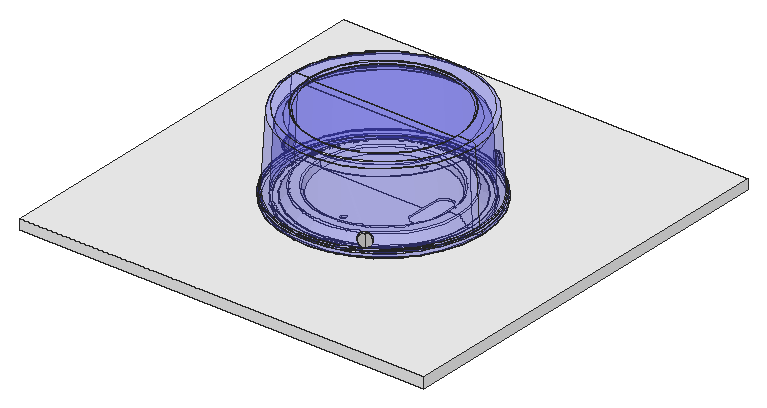
Revit family "BE_50194_de_DE", category Leuchten, Revit 2015
Parameters (values of type "BEGA_50194_K4")
  built-in parameter 1150104 = 9.5783 (stored number, unit not read)
  Wattage = 8 W
  Default Elevation = 0 mm
  built-in parameter 1150113 = 1 (stored number, unit not read)
  built-in parameter 1114218 = 1 (stored number, unit not read)
  Umgebungstemperatur = ""
  URL = "http://www.bega.de/produkt/50194"
  Typenkommentare = "© 2017 BEGA. Wir behalten uns das Recht vor, technische Änderungen ohne vorherige Ankündigung vorzunehmen."  # constant formula
  built-in parameter 1150134 = 12
  built-in parameter 1150109 = 1 (stored number, unit not read)
  Strom = ""
  built-in parameter 1150110 = 1 (stored number, unit not read)
  Spannung = 230 V
  Sonderanfertigung = no
  Seriennummer [instance] = "Hier können Sie die eindeutige Seriennummer für das Facility Management eintragen."
  Schutzklasse = "I"
  Schutzart = "IP 20"
  Scheinlast = 0 VA
  Produktdatenblatt = "http://www.bega.de/download/Xrfa/db/50194.db.de.pdf"
  Oberflächentemperatur = ""
  Neigungswinkel = 0.00°
  Modell = "50194K4"
  Material_17 = BEGA_Reflektor
  Material_15 = BEGA_Leuchtmedium_matt
  Material_11 = BEGA_Glas_opal
  Material_09 = BEGA_Glas_klar
  Material_06 = BEGA_Oberfläche_Edelstahl_gebürstet
  Material_05 = BEGA_Oberfläche_Aluminium Guss
  Material_03 = BEGA_Oberfläche_Weiss_matt
  Material_02 = BEGA_Oberfläche_Silber_matt
  Material_01 [instance] = BEGA_Oberfläche_Grafit_matt
  M_W = no
  M_G = no
  M_A = no
  Logo = 0
  built-in parameter 1114217 = 1 (stored number, unit not read)
  built-in parameter 1150139 = (empty or 0)
  built-in parameter 1150105 = 141.28 (stored number, unit not read)
  built-in parameter 1150114 = 1 (stored number, unit not read)
  Lumens = 824.8 lm
  built-in parameter 1150115 = 1 (stored number, unit not read)
  Leuchtenlichtstrom = "599 lm"
  Leuchtenanzahl = ""
  Lebensdauerkriterien = "L70 = 50.000 h"
  Lastklassifizierung = Beleuchtung
  built-in parameter 1150112 = 1 (stored number, unit not read)
  Lampenlichtstrom = "825 lm"
  Lampe = "LED 8 W"
  LED_Modulbezeichnung = "LED-0662/840 "
  Hersteller = "BEGA"  # constant formula
  Halbstreuwinkel = ""
  Gewicht = "1.7 kg"
  Gebrauchslageneinschränkung [instance] = ""
  Frequenz = "50/60 Hz"
  Farbwiedergabeindex = "Ra > 80"
  Farbtemperaturverschiebung bei Dämpfen der Lampe = <Keine Auswahl>
  Farbtemperatur = "4000 K"
  Color Filter = 16777215
  built-in parameter 1150133 = 10 (stored number, unit not read)
  Energieeffizienzklasse = "LED A++ - A"
  built-in parameter 1150137 = (empty or 0)
  built-in parameter 1150132 = (empty or 0)
  ENEC = ""
  Dimmbar [instance] = ""
  Datei für fotometrisches Netz = "BE_50194K4.IES"
  CE_Konformität = "ja"
  Bestellnummer = "50194K4"
  Beschreibung_Sonderanfertigung = "Hier können Sie Informationen zur Sonderanfertigung eintragen."
  Beschreibung = "Decken- und Wandleuchte"
  built-in parameter 1150106 = 1.4128 (stored number, unit not read)
  Befestigungsbohrung = "Ø 5,5 mm"
  Befestigungsabstand = "100 mm"
  Ballwurfsicher = ""
  BEGA_Intern_aus = yes
  BEGA_Intern_an = yes
  BEGA_Intern_Konstruktion = yes
  BEGA_Intern = yes
  BEGA_IES = yes
  BEGA_Dummy = no
  Anschlussleitung = ""
  Anschlussleistung [instance] = "8 W"
  Anschlusskasten = ""
  built-in parameter 1150107 = 4000 (stored number, unit not read)
  built-in parameter 1150102 = (empty or 0)
  built-in parameter 1150138 = (empty or 0)
  Aktualisierung = "2017-06-16T04:08:16"
  Abstand_zur_angestrahlten_Fläche [instance] = ""
  AC/DC = "AC"
Types (2, lengths in mm): name | built-in parameter 1150104 | built-in parameter 1150134 | Modell | built-in parameter 1150105 | Lumens | Leuchtenlichtstrom | Lampenlichtstrom | LED_Modulbezeichnung | Farbtemperatur | Datei für fotometrisches Netz | Bestellnummer | built-in parameter 1150106 | built-in parameter 1150107
  BEGA_50194_K3 | 8.8258 (stored number, unit not read) | (empty or 0) | "50194" | 130.11 (stored number, unit not read) | 760 lm | "552 lm" | "760 lm" | "LED-0662/830 " | "3000 K" | "BE_50194.IES" | "50194" | 1.3011 (stored number, unit not read) | 3000 (stored number, unit not read)
  BEGA_50194_K4 | 9.5783 (stored number, unit not read) | 12 | "50194K4" | 141.28 (stored number, unit not read) | 824.8 lm | "599 lm" | "825 lm" | "LED-0662/840 " | "4000 K" | "BE_50194K4.IES" | "50194K4" | 1.4128 (stored number, unit not read) | 4000 (stored number, unit not read)
Reference planes
  plane 1 "Mitte (Vorne/Hinten)": y = 0
  plane 2: z = 0
  plane 3 "Mitte (Links/Rechts)": x = 0
  plane 4 "Links": x = -98
  plane 5 "Rechts": x = 98
  plane 6 "Unten": y = -98
  plane 7 "Oben": y = 98
  plane 8 "Vorne": z = 81.25
  plane 9 "Hinten": z = 0
Forms (mm)
  Extrusion 1, solid, material "BEGA_Platte_Weiss"
    sketch origin (0, -1119.2, 0) x (1, 0, 0) y (0, 1, 0)
      loop
        line (-200, 1319.2) -> (-200, 919.2) -> (200, 919.2) -> (200, 1319.2) -> (-200, 1319.2)
    from 0 to -10
  Extrusion 2, solid, material "BEGA_Dummy_matt", visible <- "BEGA_Dummy"
    sketch origin (77.149, -76.023, 0) x (1, 0, 0) y (0, 1, 0)
      loop
        circle (-77.149, 76.023) r 98
    from 0 to 81.25
Dimensions and locks
  plane 1 "Mitte (Vorne/Hinten)" to Extrusion 1 = 200 mm
  aligned and locked: plane 2 to Extrusion 1
  aligned and locked: level to Extrusion 1
Nested families
  nested 1: "BE_50194" at (0, 0, 0), type "BE_50194"
Connectors
  electrical at (0, 0, 0), driven by "Lastklassifizierung", driven by "Spannung", driven by "Scheinlast"
    settings: index 1, voltage 230 V, apparent load 0 VA, apparent load phase1 0 VA, apparent load phase2 0 VA, apparent load phase3 0 VA, power factor 1, load classification "Beleuchtung", number of poles 1, system type 31, power factor state 1, is connector primary yes, connector utility no, sub classification motor no, connector description ""
Definition of nested family "BE_50194"
  Parameters (values of type "BE_50194")
    Default Elevation = 1 mm
    URL = "http://www.bega.de/de/produkt"
    Type Comments = "© 2015 BEGA. Wir behalten uns das Recht vor, technische Änderungen ohne vorherige Ankündigung vorzunehmen. "  # constant formula
    Type Image = (empty or 0)
    Neigungswinkel_um_Z2 = 0.00°
    Neigungswinkel_um_Z1 = 0.00°
    Neigungswinkel_um_Y2 = 0.00°
    Neigungswinkel_um_Y1 = 0.00°
    Neigungswinkel_um_X2 = 0.00°
    Neigungswinkel_um_X1 = 0.00°
    Material_17 = none
    Material_15 = none
    Material_11 = none
    Material_09 = none
    Material_06 = none
    Material_05 = none
    Material_03 = none
    Material_02 = none
    Material_01 = none
    M_W = yes
    M_G = yes
    M_A = yes
    Länge_Platte = 300 mm  # constant formula
    Höhe_Platte = -10 mm  # constant formula
    Manufacturer = "BEGA"  # constant formula
    Drehwinkel_um_Z2 = 0.00°
    Drehwinkel_um_Z1 = 0.00°
    Breite_Platte = 300 mm  # constant formula
  Reference planes
    plane 1 "Mitte (Oben/Unten)": y = 0
    plane 2: z = 0
    plane 3 "Mitte (Links/Rechts)": x = 0
    plane 4: x = -98
    plane 5: z = 81.25
    plane 6: x = 98
    plane 7: y = -98
    plane 8: y = 98
  Forms (mm)
    Extrusion 1, solid, detail levels medium
      sketch origin (0, 0, 0) x (1, 0, 0) y (0, 1, 0)
        loop
          line (-150, 150) -> (-150, -150) -> (150, -150) -> (150, 150) -> (-150, 150)
      from 0 to -10 <- "Höhe_Platte"
    Revolve 2, solid, material <- "Material_03", detail levels medium+fine
      sketch origin (0, 0, 0) x (1, 0, 0) y (0, 0, 1)
        loop
          line (-94.5, 0) -> (-89, 0)
          arc (-89, 0) -> (-87.339, 0.733) -> (-86.748, 2.455) r 2.25
          arc (-86.748, 2.455) -> (-86.619, 2.837) -> (-86.25, 3) r 0.5
          line (-86.25, 3) -> (-82.182, 3)
          arc (-82.182, 3) -> (-81.322, 3.171) -> (-80.592, 3.658) r 2.25
          line (-80.592, 3.658) -> (-74.293, 9.957)
          arc (-74.293, 9.957) -> (-73.968, 10.174) -> (-73.586, 10.25) r 1
          line (-73.586, 10.25) -> (-64.827, 10.25) -> (-63.06, 5.401)
          arc (-63.06, 5.401) -> (-62.42, 4.566) -> (-61.416, 4.25) r 1.75
          line (-61.416, 4.25) -> (0, 4.25) -> (0, 5.5) -> (-61.766, 5.5) -> (-63.531, 10.349)
          arc (-63.531, 10.349) -> (-64.172, 11.184) -> (-65.175, 11.5) r 1.75
          line (-65.175, 11.5) -> (-73.586, 11.5)
          arc (-73.586, 11.5) -> (-74.447, 11.329) -> (-75.177, 10.841) r 2.25
          line (-75.177, 10.841) -> (-81.475, 4.542)
          arc (-81.475, 4.542) -> (-81.8, 4.326) -> (-82.182, 4.25) r 1
          line (-82.182, 4.25) -> (-86.25, 4.25)
          arc (-86.25, 4.25) -> (-87.542, 3.68) -> (-88.004, 2.341) r 1.75
          arc (-88.004, 2.341) -> (-88.261, 1.576) -> (-88.999, 1.25) r 1
          line (-88.999, 1.25) -> (-94.5, 1.25) -> (-94.5, 0)
        axis (0, 0) -> (0, 11.5)
      angle from 0 to 360
    Revolve 3, solid, material <- "Material_11", detail levels medium+fine
      sketch origin (0, 0, 0) x (1, 0, 0) y (0, 0, 1)
        loop
          arc (-98, 2.25) -> (-97.707, 1.543) -> (-97, 1.25) r 1
          line (-97, 1.25) -> (-88.5, 1.25) -> (-88.5, 6.25) -> (-84.804, 66.677)
          arc (-84.804, 66.677) -> (-82.613, 71.349) -> (-77.817, 73.25) r 7
          line (-77.817, 73.25) -> (0, 73.25) -> (0, 79.25) -> (-71, 79.25) -> (-72.707, 80.957)
          arc (-72.707, 80.957) -> (-73.032, 81.174) -> (-73.414, 81.25) r 1
          line (-73.414, 81.25) -> (-87.326, 81.25)
          arc (-87.326, 81.25) -> (-90.096, 80.136) -> (-91.323, 77.413) r 4
          line (-91.323, 77.413) -> (-94.95, 8.198)
          arc (-94.95, 8.198) -> (-95.261, 7.525) -> (-95.949, 7.25) r 1
          line (-95.949, 7.25) -> (-97, 7.25)
          arc (-97, 7.25) -> (-97.707, 6.957) -> (-98, 6.25) r 1
          line (-98, 6.25) -> (-98, 2.25)
        axis (0, 1.25) -> (0, 81.25)
      angle from 0 to 360
    Revolve 4, void
      sketch origin (0, 0, 0) x (1, 0, 0) y (0, 0, 1)
        loop
          line (-93.203, 22.439) -> (-94.561, 23.321) -> (-94.93, 16.271) -> (-93.53, 16.198) -> (-93.203, 22.439)
        axis (-94.93, 16.271) -> (-93.53, 16.198)
      angle from 0 to 360
    Revolve 5, void
      sketch origin (0, 0, 0) x (-0.5, -0.866025, 0) y (0, 0, 1)
        loop
          line (-93.203, 22.439) -> (-94.561, 23.321) -> (-94.93, 16.271) -> (-93.53, 16.198) -> (-93.203, 22.439)
        axis (-94.93, 16.271) -> (-93.53, 16.198)
      angle from 0 to 360
    Revolve 6, void
      sketch origin (0, 0, 0) x (-0.5, 0.866025, 0) y (0, 0, 1)
        loop
          line (-93.203, 22.439) -> (-94.561, 23.321) -> (-94.93, 16.271) -> (-93.53, 16.198) -> (-93.203, 22.439)
        axis (-94.93, 16.271) -> (-93.53, 16.198)
      angle from 0 to 360
    Revolve 7, solid, material <- "Material_06", detail levels fine
      sketch origin (0, 0, 0) x (1, 0, 0) y (0, 0, 1)
        loop
          line (-95.463, 22.307) -> (-95.777, 16.315) -> (-93.53, 16.198) -> (-93.216, 22.189) -> (-95.463, 22.307)
        axis (-95.777, 16.315) -> (-93.53, 16.198)
      angle from 0 to 360
    Revolve 8, solid, material <- "Material_06", detail levels fine
      sketch origin (0, 0, 0) x (-0.5, -0.866025, 0) y (0, 0, 1)
        loop
          line (-95.463, 22.307) -> (-95.777, 16.315) -> (-93.53, 16.198) -> (-93.216, 22.189) -> (-95.463, 22.307)
        axis (-95.777, 16.315) -> (-93.53, 16.198)
      angle from 0 to 360
    Revolve 9, solid, material <- "Material_06", detail levels fine
      sketch origin (0, 0, 0) x (-0.5, 0.866025, 0) y (0, 0, 1)
        loop
          line (-95.463, 22.307) -> (-95.777, 16.315) -> (-93.53, 16.198) -> (-93.216, 22.189) -> (-95.463, 22.307)
        axis (-95.777, 16.315) -> (-93.53, 16.198)
      angle from 0 to 360
    Extrusion 10, void
      sketch origin (0, 0, 0) x (1, 0, 0) y (0, 1, 0)
        loop
          circle (0, 50) r 2.75
        loop
          circle (0, -50) r 2.75
        loop
          arc (39, -15) -> (47.5, -23.5) -> (56, -15) r 8.5
          line (56, -15) -> (56, 15)
          arc (56, 15) -> (47.5, 23.5) -> (39, 15) r 8.5
          line (39, 15) -> (39, -15)
      from 0 to 8.953
  Cuts and joins
    Revolve 4, Revolve 5, Revolve 6 cuts Revolve 3
    Extrusion 10 cuts Revolve 2
  Dimensions and locks
    equal spacing: Extrusion 1 sketch curve, plane 3 "Mitte (Links/Rechts)", Extrusion 1 sketch curve
    equal spacing: Extrusion 1 sketch curve, plane 1 "Mitte (Oben/Unten)", Extrusion 1 sketch curve
    "Länge_Platte": Extrusion 1 sketch curve to Extrusion 1 sketch curve
    "Breite_Platte": Extrusion 1 sketch curve to Extrusion 1 sketch curve
    aligned and locked: Extrusion 1 to plane 2
    aligned and locked: level to Extrusion 1
  Automatic sketch dimensions
    Revolve 2 sketch curve to plane 3 "Mitte (Links/Rechts)" = 0 mm  (x2)
    level to Revolve 2 sketch curve = 4.25 mm
    Revolve 2 sketch curve to plane 3 "Mitte (Links/Rechts)" = 61.416 mm
    Revolve 2 sketch curve to Revolve 2 sketch curve = 0.35 mm
    level to Revolve 2 sketch curve = 5.401 mm
    Revolve 2 sketch curve to Revolve 2 sketch curve = 1.294 mm
    level to Revolve 2 sketch curve = 10.25 mm
    Revolve 2 sketch curve to Revolve 2 sketch curve = 1.766 mm
    Revolve 2 sketch curve to Revolve 2 sketch curve = 0.349 mm
    Revolve 2 sketch curve to Revolve 2 sketch curve = 8.41 mm
    Revolve 2 sketch curve to Revolve 2 sketch curve = 0 mm  (x10)
    level to Revolve 2 sketch curve = 9.957 mm
    Revolve 2 sketch curve to Revolve 2 sketch curve = 0.707 mm
    level to Revolve 2 sketch curve = 10.841 mm
    Revolve 2 sketch curve to Revolve 2 sketch curve = 0.884 mm  (x2)
    level to Revolve 2 sketch curve = 3.658 mm
    Revolve 2 sketch curve to Revolve 2 sketch curve = 6.299 mm
    level to Revolve 2 sketch curve = 4.542 mm
    Revolve 2 sketch curve to Revolve 2 sketch curve = 0.706 mm
    Revolve 2 sketch curve to Revolve 2 sketch curve = 4.068 mm
    level to Revolve 2 sketch curve = 1.25 mm
    Revolve 2 sketch curve to Revolve 2 sketch curve = 2.749 mm
    level to Revolve 2 sketch curve = 0 mm
    Revolve 2 sketch curve to Revolve 2 sketch curve = 0.001 mm  (x2)
    Revolve 2 sketch curve to Revolve 2 sketch curve = 5.5 mm
    Revolve 2 sketch curve to Revolve 2 sketch curve = 1 mm
    level to Revolve 2 sketch curve = 2.5 mm
    Revolve 2 sketch curve to Revolve 2 sketch curve = 0.5 mm  (x3)
    Revolve 2 sketch curve to Revolve 2 sketch curve = 0.292 mm
    level to Revolve 2 sketch curve = 10.349 mm
    Revolve 2 sketch curve to Revolve 2 sketch curve = 1.296 mm
    Revolve 2 sketch curve to Revolve 2 sketch curve = 0.498 mm
    Revolve 2 sketch curve to Revolve 2 sketch curve = 0.011 mm  (x2)
    Revolve 2 sketch curve to Revolve 2 sketch curve = 1.007 mm
    Revolve 2 sketch curve to Revolve 2 sketch curve = 1.848 mm
    Revolve 2 sketch curve to Revolve 2 sketch curve = 1.902 mm
    Revolve 3 sketch curve to plane 3 "Mitte (Links/Rechts)" = 0 mm  (x2)
    Revolve 3 sketch curve to Revolve 3 sketch curve = 71 mm
    Revolve 3 sketch curve to Revolve 3 sketch curve = 2.414 mm
    Revolve 3 sketch curve to Revolve 3 sketch curve = 4.403 mm
    Revolve 3 sketch curve to Revolve 3 sketch curve = 13.912 mm
    level to Revolve 3 sketch curve = 6.25 mm
    Revolve 3 sketch curve to Revolve 3 sketch curve = 10.683 mm
    Revolve 3 sketch curve to Revolve 3 sketch curve = 3.997 mm
    Revolve 3 sketch curve to Revolve 3 sketch curve = 7.449 mm
    Revolve 3 sketch curve to Revolve 3 sketch curve = 1.051 mm
    level to Revolve 3 sketch curve = 1.25 mm
    Revolve 3 sketch curve to Revolve 3 sketch curve = 0 mm  (x10)
    Revolve 3 sketch curve to Revolve 3 sketch curve = 1 mm  (x4)
    Revolve 3 sketch curve to Revolve 3 sketch curve = 4 mm  (x2)
    Revolve 3 sketch curve to Revolve 3 sketch curve = 58 mm
    level to Revolve 3 sketch curve = 73.25 mm
    Revolve 3 sketch curve to Revolve 3 sketch curve = 0.163 mm
    Revolve 3 sketch curve to Revolve 3 sketch curve = 6 mm
    Revolve 3 sketch curve to Revolve 3 sketch curve = 0.707 mm
    Revolve 3 sketch curve to Revolve 3 sketch curve = 6.987 mm
    level to Revolve 3 sketch curve = 8.198 mm
    Revolve 3 sketch curve to Revolve 3 sketch curve = 0.999 mm
    Revolve 3 sketch curve to Revolve 3 sketch curve = 0.427 mm
    Revolve 3 sketch curve to Revolve 3 sketch curve = 3.322 mm
    Revolve 3 sketch curve to Revolve 3 sketch curve = 7.888 mm
    Revolve 4 sketch curve to Revolve 4 sketch curve = 0.369 mm
    Revolve 4 sketch curve to Revolve 4 sketch curve = 1.401 mm
    Revolve 4 sketch curve to Revolve 4 sketch curve = 1.358 mm
    Revolve 4 sketch curve to Revolve 4 sketch curve = 0.073 mm
    Revolve 4 sketch curve to Revolve 4 sketch curve = 0.882 mm
    Revolve 4 sketch curve to Revolve 4 sketch curve = 3.299 mm
    Revolve 4 sketch curve to Revolve 4 sketch curve = 11.192 mm
    Revolve 4 sketch curve to Revolve 4 sketch curve = 0.587 mm
    Revolve 4 sketch curve to Revolve 4 sketch curve = 0.173 mm
    Revolve 5 sketch curve to Revolve 5 sketch curve = 0.369 mm
    Revolve 5 sketch curve to Revolve 5 sketch curve = 1.401 mm
    Revolve 5 sketch curve to Revolve 5 sketch curve = 1.358 mm
    Revolve 5 sketch curve to Revolve 5 sketch curve = 0.073 mm
    Revolve 5 sketch curve to Revolve 5 sketch curve = 0.882 mm
    Revolve 5 sketch curve to Revolve 5 sketch curve = 3.299 mm
    Revolve 5 sketch curve to Revolve 5 sketch curve = 11.192 mm
    Revolve 5 sketch curve to Revolve 5 sketch curve = 0.587 mm
    Revolve 5 sketch curve to Revolve 5 sketch curve = 0.173 mm
    Revolve 6 sketch curve to Revolve 6 sketch curve = 0.369 mm
    Revolve 6 sketch curve to Revolve 6 sketch curve = 1.401 mm
    Revolve 6 sketch curve to Revolve 6 sketch curve = 1.358 mm
    Revolve 6 sketch curve to Revolve 6 sketch curve = 0.073 mm
    Revolve 6 sketch curve to Revolve 6 sketch curve = 0.882 mm
    Revolve 6 sketch curve to Revolve 6 sketch curve = 3.299 mm
    Revolve 6 sketch curve to Revolve 6 sketch curve = 11.192 mm
    Revolve 6 sketch curve to Revolve 6 sketch curve = 0.587 mm
    Revolve 6 sketch curve to Revolve 6 sketch curve = 0.173 mm
    level to Revolve 4 sketch curve = 16.271 mm
    Revolve 4 sketch curve to plane 3 "Mitte (Links/Rechts)" = 94.93 mm
    level to Revolve 5 sketch curve = 16.271 mm
    level to Revolve 6 sketch curve = 16.271 mm
    Revolve 7 sketch curve to Revolve 7 sketch curve = 0.314 mm
    Revolve 7 sketch curve to Revolve 7 sketch curve = 2.247 mm  (x2)
    Revolve 7 sketch curve to Revolve 7 sketch curve = 0.118 mm  (x2)
    Revolve 7 sketch curve to Revolve 7 sketch curve = 2.453 mm
    Revolve 7 sketch curve to Revolve 7 sketch curve = 11.192 mm
    Revolve 7 sketch curve to Revolve 7 sketch curve = 0.587 mm
    Revolve 7 sketch curve to Revolve 7 sketch curve = 0.129 mm
    Revolve 8 sketch curve to Revolve 8 sketch curve = 0.314 mm
    Revolve 8 sketch curve to Revolve 8 sketch curve = 2.247 mm  (x2)
    Revolve 8 sketch curve to Revolve 8 sketch curve = 0.118 mm  (x2)
    Revolve 8 sketch curve to Revolve 8 sketch curve = 2.453 mm
    Revolve 8 sketch curve to Revolve 8 sketch curve = 11.192 mm
    Revolve 8 sketch curve to Revolve 8 sketch curve = 0.587 mm
    Revolve 8 sketch curve to Revolve 8 sketch curve = 0.129 mm
    Revolve 9 sketch curve to Revolve 9 sketch curve = 0.314 mm
    Revolve 9 sketch curve to Revolve 9 sketch curve = 2.247 mm  (x2)
    Revolve 9 sketch curve to Revolve 9 sketch curve = 0.118 mm  (x2)
    Revolve 9 sketch curve to Revolve 9 sketch curve = 2.453 mm
    Revolve 9 sketch curve to Revolve 9 sketch curve = 11.192 mm
    Revolve 9 sketch curve to Revolve 9 sketch curve = 0.587 mm
    Revolve 9 sketch curve to Revolve 9 sketch curve = 0.129 mm
    level to Revolve 7 sketch curve = 16.315 mm
    Revolve 7 sketch curve to plane 3 "Mitte (Links/Rechts)" = 95.777 mm
    level to Revolve 8 sketch curve = 16.315 mm
    level to Revolve 9 sketch curve = 16.315 mm
    Extrusion 10 sketch curve to plane 3 "Mitte (Links/Rechts)" = 0 mm  (x2)
    plane 1 "Mitte (Oben/Unten)" to Extrusion 10 sketch curve = 15 mm
    plane 3 "Mitte (Links/Rechts)" to Extrusion 10 sketch curve = 39 mm
    Extrusion 10 sketch curve to Extrusion 10 sketch curve = 8.5 mm
    plane 1 "Mitte (Oben/Unten)" to Extrusion 10 sketch curve = 50 mm
    Extrusion 10 sketch curve to plane 1 "Mitte (Oben/Unten)" = 15 mm
    Extrusion 10 sketch curve to plane 1 "Mitte (Oben/Unten)" = 50 mm
    radius of Extrusion 10 sketch curve = 2.75 mm  (x2)
